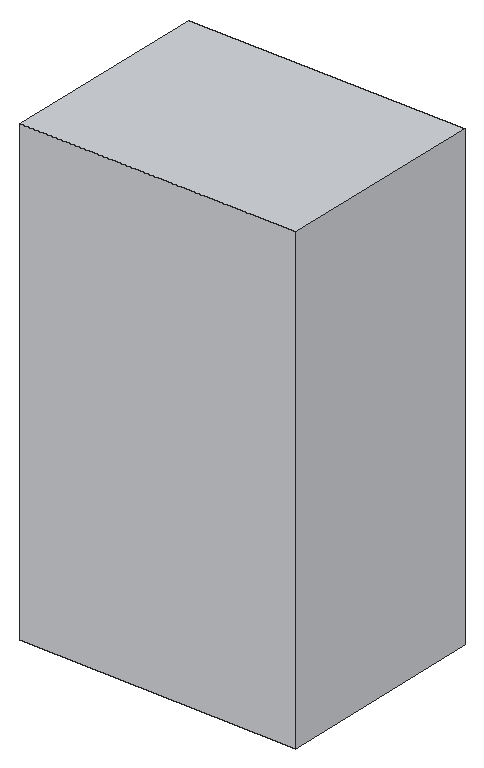
Revit family
Parameters
  Warranty Duration (Years) = 0
  Unit Width [instance] = 0' - 9"
  Unit Height [instance] = 0' - 5"
  Unit Depth = 0' - 4 1/2"
  URL = "http://www.americanspecialties.com/viewCategories.cfm"
  Trim Material = Metal - Stainless Steel
  Test Data = ""
  Specification = "http://www.arcat.com/sdspecs/htm/10810asi.htm"
  SpecWizard = ""
  Send Message = "http://www.arcat.com/users.pl?action=UserEmail&company=American%20Specialties,%20Inc.&coid=30448&rep=139&fax=914-476-0688&mf="
  Sales Information = "http://www.americanspecialties.com/contact"
  Revision = "R1_10-2010"
  Product Properties = "http://www.americanspecialties.com/datasheets/0044-A.pdf"
  Product Data = "http://www.arcat.com/arcatcos/cos30/arc30448.html"
  Model = "As Specified in 10 28 13"
  Manufacturer Website = "http://www.americanspecialties.com/viewCategories.cfm"
  Manufacturer Phone - Toll Free = ""
  Manufacturer Phone = "914-476-9000 "
  Manufacturer Fax = "914-476-0688"
  Manufacturer Address = "441 Saw Mill River Rd., Yonkers, NY 10701"
  Manufacturer = "American Specialties, Inc."
  Maintenance Schedule (Months) = 0
  Keynote = "10 28 13"
  Installation-Fabrication = "http://www.americanspecialties.com/products.cfm"
  Green Building-LEED = ""
  Expected Lifespan (Years) = 0
  Drawn By = "Robert S. Weygant. CSI, CDT, SCIP"  # constant formula
  Description = "Toilet Accessory as Specified in 10 28 13"
  Default Elevation = 4' - 0"
  Copyright = "©Arcat Inc."
  Construction Details = "http://www.arcat.com/green/clients/leed_data_30448.html"
  Building Codes = "http://www.americanspecialties.com/products.cfm"
  Body Material = Metal - Stainless Steel
  Assembly Code = "C1030210"
Reference planes (in)
  plane 1 "Center (Front/Back)": y = -0.29112
  plane 2 "Floor Line": z = 0
  plane 3 "Center (Left/Right)": x = -0.65843
  plane 4 "Left": x = -5.15843
  plane 5 "Right": x = 3.84157
  plane 6 "Top": y = 2.20888
  plane 7 "Bottom": y = -2.79112
  plane 8: y = 1.20888
  plane 9 "Front": z = 4.5
Forms (in)
  Extrusion 1, solid
    sketch origin (-3, -9, -6) x (0, 0, -1) y (1, 0, 0)
      loop
        line (-82, 26) -> (-82, -19.34712) -> (-6, -19.34712) -> (-6, 26) -> (-82, 26)
    from 9 to -25.60721
  Extrusion 2, solid, material "Metal - Stainless Steel" <- "Body Material"
    sketch origin (-0.65843, 0, 0) x (0, 1, 0) y (0, 0, 1)
      loop
        line (2.20888, 0) -> (2.20888, 0.125) -> (-2.66612, 0.125) -> (-2.66612, 3.65719)
        arc (-2.66612, 3.65719) -> (-2.53395, 3.73625) -> (-2.54112, 3.8901) r 0.15
        line (-2.54112, 3.8901) -> (-2.54112, 4.375) -> (1.08388, 4.375) -> (1.08388, 3) -> (1.20888, 3) -> (1.20888, 4.5) -> (-2.66612, 4.5) -> (-2.66612, 3.95719)
        arc (-2.66612, 3.95719) -> (-2.79829, 3.87812) -> (-2.79112, 3.72427) r 0.15
        line (-2.79112, 3.72427) -> (-2.79112, 0) -> (2.20888, 0)
      loop
        circle (-2.66612, 3.80719) r 0.1
    from -4.5 to 4.5
  Extrusion 3, solid, material "Metal - Stainless Steel" <- "Body Material"
    sketch origin (-5.15843, 0, 0) x (0, 1, 0) y (0, 0, 1)
      loop
        line (-2.54112, 4.375) -> (-2.54112, 3.8901)
        arc (-2.54112, 3.8901) -> (-2.53395, 3.73625) -> (-2.66612, 3.65719) r 0.15
        line (-2.66612, 3.65719) -> (-2.66612, 0.125) -> (1.08388, 0.125) -> (1.08388, 4.375) -> (-2.54112, 4.375)
    from 0 to 0.125
  Extrusion 4, solid, material "Metal - Stainless Steel" <- "Body Material"
    sketch origin (-0.65843, 0, 0) x (0, 1, 0) y (0, 0, 1)
      loop
        line (0.95888, 3.05178) -> (-0.06884, 2.02405) -> (-0.09094, 2.04615) -> (0.08584, 2.22293) -> (0.01955, 2.28922) -> (-0.21372, 2.05595) -> (-0.05904, 1.90127) -> (1.05263, 3.01294) -> (1.05263, 4.34375) -> (-2.54112, 4.34375) -> (-2.54112, 4.25) -> (0.95888, 4.25) -> (0.95888, 3.05178)
      loop
        line (1.04799, 0.17774) -> (-0.4564, 2.38835) -> (-0.63725, 2.26528) -> (-0.44385, 1.9811) -> (-0.36634, 2.03384) -> (-0.507, 2.24052) -> (-0.48116, 2.2581) -> (0.97048, 0.125) -> (1.04799, 0.17774)
    from -4.375 to 4.375
  Extrusion 5, solid, material "Metal - Stainless Steel" <- "Trim Material"
    sketch origin (0, 0, 0) x (1, 0, 0) y (0, 1, 0)
      loop
        circle (-0.65843, -0.29112) r 0.4375
      loop
        circle (-0.65843, -0.29112) r 0.375
    from 4.5 to 4.5625
  Extrusion 6, solid, material "Metal - Stainless Steel" <- "Trim Material"
    sketch origin (0, 0, 0) x (1, 0, 0) y (0, 1, 0)
      loop
        arc (-0.69447, 0.07961) -> (-1.0339, -0.29112) -> (-0.69447, -0.66185) r 0.37217
        line (-0.69447, -0.66185) -> (-0.69447, 0.07961)
      loop
        line (-0.6224, 0.07961) -> (-0.6224, -0.66185)
        arc (-0.6224, -0.66185) -> (-0.28297, -0.29112) -> (-0.6224, 0.07961) r 0.37217
    from 4.5 to 4.5625
  Extrusion 7, solid, material "Metal - Stainless Steel" <- "Trim Material"
    sketch origin (-0.15843, 1.08388, 0.125) x (0, -0.562611, 0.826722) y (1, 0, 0)
      loop
        circle (1.16737, -3.25756) r 0.125
    from 0 to 1.76286
  Extrusion 8, solid, material "Metal - Stainless Steel" <- "Body Material"
    sketch origin (0, -0.29112, 0) x (1, 0, 0) y (0, 0, 1)
      loop
        line (3.84157, 4.375) -> (3.71657, 4.375) -> (3.71657, 0.125) -> (3.84157, 0.125) -> (3.84157, 4.375)
    from -1.375 to 2.375
Dimensions and locks (in)
  equal spacing: plane 4 "Left", plane 3 "Center (Left/Right)", plane 5 "Right"
  "Unit Width": plane 4 "Left" to plane 5 "Right"
  equal spacing: plane 6 "Top", plane 1 "Center (Front/Back)", plane 7 "Bottom"
  "Unit Height": plane 6 "Top" to plane 7 "Bottom"
  plane 8 to plane 7 "Bottom" = 0' - 4"
  "Unit Depth": plane 9 "Front" to level
  locked: Extrusion 4 sketch curve to Extrusion 4 sketch curve at 0.09375
  locked: plane 8 to Extrusion 4 sketch curve at 0.2384
  aligned and locked: Extrusion 1 to level
  aligned and locked: Extrusion 2 sketch curve to plane 6 "Top"
  aligned and locked: Extrusion 2 sketch curve to level
  aligned and locked: Extrusion 2 sketch curve to plane 7 "Bottom"
  aligned and locked: Extrusion 2 sketch curve to plane 9 "Front"
  aligned and locked: Extrusion 2 sketch curve to plane 8
  aligned and locked: Extrusion 2 to plane 4 "Left"
  aligned and locked: Extrusion 2 to plane 5 "Right"
  aligned and locked: Extrusion 3 to plane 4 "Left"
  aligned and locked: Extrusion 3 sketch curve to Extrusion 2  (x5)
  aligned and locked: Extrusion 2 to Extrusion 3 sketch curve
  aligned and locked: plane 4 "Left" to Extrusion 2
  aligned and locked: Extrusion 4 to Extrusion 3
  aligned and locked: Extrusion 5 to plane 9 "Front"
  aligned and locked: Extrusion 6 to plane 9 "Front"
Automatic sketch dimensions
  Extrusion 1 sketch curve to Extrusion 1 sketch curve = 6' - 4"
  Extrusion 1 sketch curve to Extrusion 1 sketch curve = 3' - 9.34712"
  Extrusion 2 sketch curve to Extrusion 2 sketch curve = 0' - 0"  (x6)
  Extrusion 2 sketch curve to plane 8 = 0' - 0"
  plane 7 "Bottom" to Extrusion 2 sketch curve = 0' - 0 1/8"
  Extrusion 2 sketch curve to Extrusion 2 sketch curve = 0' - 0 1/8"  (x2)
  level to Extrusion 2 sketch curve = 0' - 0 1/8"
  Extrusion 2 sketch curve to plane 9 "Front" = 0' - 1 1/2"
  Extrusion 2 sketch curve to plane 9 "Front" = 0' - 0.84281"
  Extrusion 2 sketch curve to Extrusion 2 sketch curve = 0' - 0.06708"
  Extrusion 2 sketch curve to Extrusion 2 sketch curve = 0' - 0.08292"
  Extrusion 2 sketch curve to plane 9 "Front" = 0' - 0 1/8"
  plane 7 "Bottom" to Extrusion 4 sketch curve = 0' - 0 1/4"
  plane 1 "Center (Front/Back)" to Extrusion 4 sketch curve = 0' - 0.34613"
  Extrusion 4 sketch curve to Extrusion 4 sketch curve = 0' - 0.13025"
  Extrusion 4 sketch curve to Extrusion 4 sketch curve = 0' - 0.02584"
  Extrusion 4 sketch curve to Extrusion 4 sketch curve = 0' - 0.02476"
  plane 1 "Center (Front/Back)" to Extrusion 4 sketch curve = 0' - 0.15273"
  plane 1 "Center (Front/Back)" to Extrusion 4 sketch curve = 0' - 0.07523"
  Extrusion 4 sketch curve to Extrusion 4 sketch curve = 0' - 0.0319"
  Extrusion 4 sketch curve to Extrusion 4 sketch curve = 0' - 0.0221"
  Extrusion 4 sketch curve to Extrusion 4 sketch curve = 0' - 0.11049"
  Extrusion 4 sketch curve to Extrusion 4 sketch curve = 0' - 0.06629"
  Extrusion 4 sketch curve to plane 8 = 0' - 0 1/4"
  level to Extrusion 4 sketch curve = 0' - 0 1/8"
  Extrusion 4 sketch curve to Extrusion 4 sketch curve = 0' - 0.05274"
  Extrusion 4 sketch curve to plane 9 "Front" = 0' - 0 1/4"
  Extrusion 4 sketch curve to Extrusion 4 sketch curve = 0' - 0 3/32"
  Extrusion 4 sketch curve to plane 1 "Center (Front/Back)" = 0' - 0.07739"
  Extrusion 4 sketch curve to Extrusion 4 sketch curve = 0' - 0.03883"
  Extrusion 4 sketch curve to Extrusion 4 sketch curve = 0' - 0.12278"
  Extrusion 4 sketch curve to Extrusion 4 sketch curve = 0' - 0.13257"
  Extrusion 5 sketch curve to plane 1 "Center (Front/Back)" = 0' - 0"
  Extrusion 5 sketch curve to plane 3 "Center (Left/Right)" = 0' - 0"
  Extrusion 5 sketch curve to Extrusion 5 sketch curve = 0' - 0"  (x2)
  Extrusion 6 sketch curve to plane 1 "Center (Front/Back)" = 0' - 0"  (x2)
  Extrusion 6 sketch curve to plane 3 "Center (Left/Right)" = 0' - 0.03603"
  Extrusion 6 sketch curve to plane 3 "Center (Left/Right)" = 0' - 0.00329"
  plane 3 "Center (Left/Right)" to Extrusion 6 sketch curve = 0' - 0.00329"
  plane 3 "Center (Left/Right)" to Extrusion 6 sketch curve = 0' - 0.03603"
  plane 1 "Center (Front/Back)" to Extrusion 6 sketch curve = 0' - 0.37073"
  Extrusion 6 sketch curve to Extrusion 6 sketch curve = 0' - 0"
  Extrusion 4 to Extrusion 7 sketch curve = 0' - 1.10357"
  Extrusion 4 to Extrusion 7 sketch curve = 0' - 1.61744"
  Extrusion 8 sketch curve to plane 5 "Right" = 0' - 0"
  plane 5 "Right" to Extrusion 8 sketch curve = 0' - 0 1/8"
  level to Extrusion 8 sketch curve = 0' - 0 1/8"
  Extrusion 8 sketch curve to plane 9 "Front" = 0' - 0 1/8"
  radius of Extrusion 2 sketch curve = 0' - 0.1"
  radius of Extrusion 5 sketch curve = 0' - 0 7/16"
  radius of Extrusion 5 sketch curve = 0' - 0 3/8"
  radius of Extrusion 7 sketch curve = 0' - 0 1/8"
